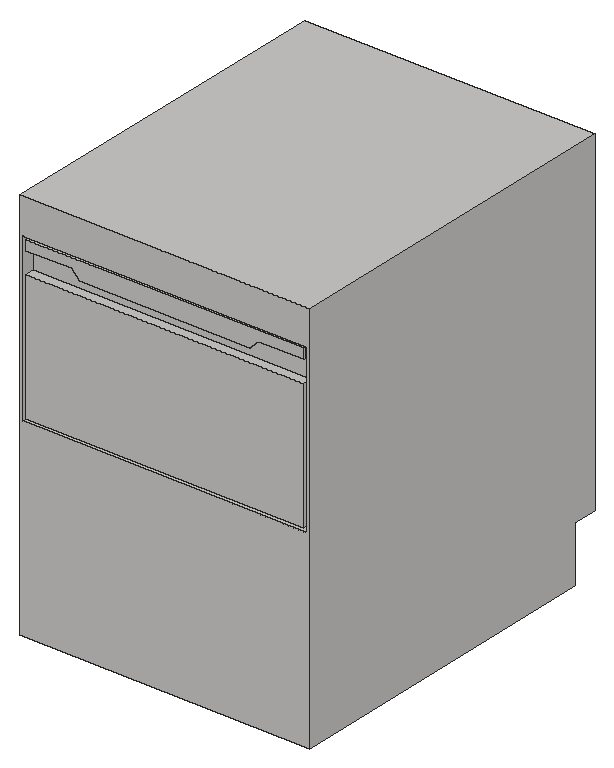
Revit family "QF_ZANUSSI_402213_ZSSIC", category Specialty Equipment, Revit 2018
Family settings
  Round Connector Dimension = Use Diameter
  Part Type = Normal
  Work Plane-Based = No
  Always vertical = Yes
  Cut with Voids When Loaded = No
  Shared = No
  Room Calculation Point = No
Parameters (values of type "Standard")
  Weight = 34.00 kg
  Watts = 0 W
  Volts = 220 V
  URL Manufacturer = "http://professional.electrolux.com"
  URL = "http://professional.electrolux.com"
  Steam Supply Size = 0 mm
  Steam Supply Minimum Pressure = 0.0 Pa
  Steam Supply Maximum Pressure = 0.0 Pa
  Steam Pounds per Hour = 0
  Show Logo [instance] = yes
  Show Clearance [instance] = yes
  Refrigeration Suction Line Size = 0 mm
  Refrigeration Liquid Line Size = 0 mm
  Refrigerant Compressor Remote = yes
  Manufacturer = "Electrolux Professional"
  Phase = 1
  Model = "ESSIC"
  Length Actual = 460 mm  # constant formula
  Item Number = "402208"
  Hot Water Size = 0 mm
  Height Actual = 635 mm  # constant formula
  HP = "4.4 HP"
  Gas Size = 0 mm
  Gas KW = 0
  Gas Input Pressure = 0 W
  Direct Waste Size = 22 mm
  Description = "GLASSWASHER(SHORT S) DOUBLE SKIN, COLD RINSE, 30B/H"
  Depth Actual = 565 mm  # constant formula
  Cycle = 50 Hz
  Condensate Return Size = 0 mm
  Compressed Air Volume = 0.0 L/s
  Compressed Air Size = 0 mm
  Compressed Air Pressure = 0.0 Pa
  Cold Water Size = 19.05 mm
  Accessory = yes
Types (2, lengths in mm): name | URL | Manufacturer | Phase | Model | Description | Cold Water Size
  (no name) | "http://professional.electrolux.com/" | 0 | 0 | 0 | 0 | 0
  Standard | "http://professional.electrolux.com" | "Electrolux Professional" | 1 | "ESSIC" | "GLASSWASHER(SHORT S) DOUBLE SKIN, COLD RINSE, 30B/H" | 19.05
Values of the unnamed type that differ from the named types
  Volts = 0 V
  URL Manufacturer = ""
  Item Number = ""
  Cycle = 0 Hz
Reference planes
  plane 1 "Center (Front/Back)": y = 0
  plane 2: z = 0
  plane 3 "Center (Left/Right)": x = 0
  plane 4 "LEFT": x = -230
  plane 5 "RIGHT": x = 230
  plane 6 "FRONT": y = -282.5
  plane 7 "BACK": y = 282.5
  plane 8: x = -202.5
  plane 9: x = 202.5
  plane 10: z = 635
  plane 11: z = 10
Forms (mm)
  Extrusion 1, solid, material "QF_Finishes_Stainless Steel"
    sketch origin (0, 0, 0) x (1, 0, 0) y (0, 1, 0)
      loop
        line (-230, -282.5) -> (230, -282.5) -> (230, 243.5) -> (-230, 243.5) -> (-230, -282.5)
    from 10 to 635
  Extrusion 2, solid, material "QF_Finishes_Stainless Steel"
    sketch origin (0, 0, 0) x (1, 0, 0) y (0, 1, 0)
      loop
        line (-230, 243.5) -> (230, 243.5) -> (230, 282.5) -> (-230, 282.5) -> (-230, 243.5)
    from 100 to 635
  Extrusion 3, solid, material "QF_Finishes_Stainless Steel"
    sketch origin (0, 0, 0) x (1, 0, 0) y (0, 1, 0)
      loop
        circle (-202.5, 184.5) r 12.5
      loop
        circle (202.5, 184.5) r 12.5
      loop
        circle (-202.5, -235.5) r 12.5
      loop
        circle (202.5, -235.5) r 12.5
    from 0 to 10
  Extrusion 4, void
    sketch origin (-230, -282.5, 0) x (-1, 0, 0) y (0, 0, 1)
      loop
        line (-5, 578.217) -> (-455, 578.217) -> (-455, 315) -> (-5, 315) -> (-5, 578.217)
    from 0 to 30
  Extrusion 5, solid, material "QF_Finishes_Stainless Steel"
    sketch origin (-288, -392, 738) x (0, 0, -1) y (1, 0, 0)
      loop
        circle (693, 213) r 10
    from -635.5 to -674.5
  Extrusion 6, solid, material "QF_Door-Drawer Clearances", visible <- "Show Clearance", detail levels coarse
    sketch origin (-230, -282.5, 0) x (0, 1, 0) y (0, 0, -1)
      loop
        line (0, -315) -> (-230, -315)
        arc (-230, -315) -> (-165.874, -490.004) -> (0, -575) r 255.719
        line (0, -575) -> (0, -315)
    from -10 to -450
  Extrusion 7, solid, material "QF_Finishes_Stainless Steel"
    sketch origin (-242.481, -392, 738) x (0, 0, -1) y (1, 0, 0)
      loop
        circle (663, 322.481) r 8
    from -635.5 to -674.5
  Extrusion 8, solid, material "QF_Finishes_Stainless Steel"
    sketch origin (-230, -282.5, 0) x (0, 1, 0) y (0, 0, -1)
      loop
        line (0, -320) -> (0, -525) -> (15, -525) -> (15, -575) -> (25, -575) -> (25, -320) -> (0, -320)
    from -10 to -450
  Extrusion 9, solid, material "QF_Finishes_Stainless Steel"
    sketch origin (-230, -282.5, 0) x (0, 1, 0) y (0, 0, -1)
      loop
        line (15, -575) -> (15, -572.514) -> (2.5, -572.514) -> (2.5, -546.25) -> (0, -546.25) -> (0, -575) -> (15, -575)
    from -10 to -450
  Extrusion 10, void
    sketch origin (-230, -282.5, 575) x (0, 0, 1) y (1, 0, 0)
      loop
        line (-15.552, 10) -> (-15.552, 81.607) -> (-28.75, 94.804) -> (-28.75, 10) -> (-15.552, 10)
      loop
        line (-15.552, 450) -> (-28.75, 450) -> (-28.75, 365.196) -> (-15.552, 378.393) -> (-15.552, 450)
    from 0 to 2.5
  Extrusion 11, solid, material "QF_Finishes_Stainless Steel"
    sketch origin (-328, -392, 738) x (0, 0, -1) y (1, 0, 0)
      loop
        circle (663, 228) r 8
    from -635.5 to -674.5
Cuts and joins
  Extrusion 4 cuts Extrusion 1
  joined: Extrusion 1, Extrusion 2
  Extrusion 10 cuts Extrusion 8
  Extrusion 10 cuts Extrusion 9
Lines and regions (mm)
  Split face 1
    outline origin (-230, -282.5, 635) x (0, 0, -1) y (1, 0, 0)
      loop
        line (56.783, 5) -> (42.5, 5) -> (42.5, 67.5) -> (49.142, 74.142) -> (49.142, 385.858) -> (42.5, 392.5) -> (42.5, 455) -> (56.783, 455)
  Split face 2
    outline origin (-230, -282.5, 635) x (0, 0, -1) y (1, 0, 0)
      loop
        line (42.5, 5) -> (5, 5) -> (5, 455) -> (42.5, 455)
  Split face 3
    outline origin (-230, -282.5, 635) x (0, 0, -1) y (1, 0, 0)
      loop
        line (19.683, 178.044) -> (39.683, 178.044) -> (39.683, 218.044) -> (19.683, 218.044) -> (19.683, 178.044)
  symbolic lines
    curve 1: line (-230, 282.5, 0) -> (230, 282.5, 0)
    curve 2: line (-230, -282.5, 0) -> (-230, 282.5, 0)
    curve 3: line (230, -282.5, 0) -> (-230, -282.5, 0)
    curve 4: line (230, 282.5, 0) -> (230, -282.5, 0)
  symbolic lines, style "QF_Door-Drawer Clearances"
    curve 5: line (-220, -512.5, 0) -> (220, -512.5, 0)
    curve 6: line (220, -512.5, 0) -> (220, -282.5, 0)
    curve 7: line (-220, -512.5, 0) -> (-220, -282.5, 0)
  symbolic lines, style "SpecialityEquipmentHiddenLines"
    curve 8: line (-230, 243.5, 0) -> (230, 243.5, 0)
Dimensions and locks
  equal spacing: plane 4 "LEFT", plane 3 "Center (Left/Right)", plane 5 "RIGHT"
  equal spacing: plane 7 "BACK", plane 1 "Center (Front/Back)", plane 6 "FRONT"
  plane 7 "BACK" to plane 6 "FRONT" = 565 mm
  plane 4 "LEFT" to plane 5 "RIGHT" = 460 mm
  plane 4 "LEFT" to plane 8 = 27.5 mm
  plane 9 to plane 5 "RIGHT" = 27.5 mm
  locked: plane 11 to level at 10
  plane 4 "LEFT" to plane 3 "Center (Left/Right)" = 230 mm
  plane 10 to level = 635 mm  (x2)
  plane 8 to plane 9 = 405 mm
  level to Extrusion 11 sketch curve = 75 mm
  Extrusion 11 sketch curve to plane 4 "LEFT" = 130 mm
  level to Extrusion 5 sketch curve = 45 mm
  Extrusion 5 sketch curve to plane 4 "LEFT" = 155 mm
  Extrusion 7 sketch curve to plane 4 "LEFT" = 310 mm
  level to Extrusion 7 sketch curve = 75 mm
  locked: Extrusion 3 to cut or joined group of Extrusion 1, Extrusion 2, Extrusion 4 at 98
  Extrusion 3 to Extrusion 3 = 420 mm
  locked: plane 6 "FRONT" to Extrusion 3 at 47
  plane 9 to plane 8 = 405 mm
  plane 7 "BACK" to curve 5 = 795 mm
  cut or joined group of Extrusion 8, Extrusion 10 to cut or joined group of Extrusion 1, Extrusion 2, Extrusion 4 = 210 mm
  aligned and locked: level to plane 2
  aligned and locked: Extrusion 1 sketch curve to plane 6 "FRONT"
  aligned and locked: Extrusion 1 sketch curve to plane 4 "LEFT"
  aligned and locked: plane 5 "RIGHT" to Extrusion 1 sketch curve
  aligned and locked: Extrusion 1 to plane 11
  aligned and locked: Extrusion 2 sketch curve to Extrusion 1  (x2)
  aligned and locked: plane 7 "BACK" to Extrusion 2 sketch curve
  aligned and locked: plane 5 "RIGHT" to Extrusion 2 sketch curve
  aligned and locked: plane 11 to Extrusion 3
  aligned and locked: Extrusion 2 to Extrusion 5
  aligned and locked: Extrusion 2 to Extrusion 7
  aligned and locked: plane 7 "BACK" to Extrusion 7
  aligned and locked: plane 7 "BACK" to Extrusion 5
  aligned and locked: cut or joined group of Extrusion 9, Extrusion 10 to Extrusion 10
  aligned and locked: plane 10 to Extrusion 2
Automatic sketch dimensions
  curve 1 to plane 4 "LEFT" = 0 mm
  curve 7 to plane 6 "FRONT" = 0 mm
  curve 4 to plane 5 "RIGHT" = 0 mm
  curve 2 to plane 7 "BACK" = 0 mm
  plane 4 "LEFT" to curve 5 = 10 mm
  curve 6 to plane 5 "RIGHT" = 10 mm
  curve 8 to plane 7 "BACK" = 39 mm
  Extrusion 1 sketch curve to plane 7 "BACK" = 39 mm
  Extrusion 3 sketch curve to plane 8 = 0 mm  (x2)
  Extrusion 3 sketch curve to plane 9 = 0 mm  (x2)
  plane 6 "FRONT" to Extrusion 3 sketch curve = 47 mm  (x2)
  Extrusion 3 sketch curve to plane 7 "BACK" = 98 mm  (x2)
  Extrusion 4 sketch curve to Extrusion 1 = 5 mm  (x2)
  Extrusion 4 sketch curve to Extrusion 1 = 305 mm
  Extrusion 4 sketch curve to Extrusion 1 = 56.783 mm
  Extrusion 8 sketch curve to plane 6 "FRONT" = 0 mm
  plane 6 "FRONT" to Extrusion 8 sketch curve = 15 mm
  Extrusion 8 sketch curve to Extrusion 8 sketch curve = 25 mm
  Extrusion 8 sketch curve to plane 10 = 60 mm
  Extrusion 8 sketch curve to Extrusion 8 sketch curve = 50 mm
  Extrusion 8 sketch curve to Extrusion 8 sketch curve = 205 mm
  Extrusion 9 sketch curve to plane 6 "FRONT" = 0 mm
  Extrusion 9 sketch curve to Extrusion 9 sketch curve = 2.5 mm
  Extrusion 9 sketch curve to Extrusion 9 sketch curve = 12.5 mm
  Extrusion 9 sketch curve to plane 10 = 60 mm
  Extrusion 9 sketch curve to Extrusion 9 sketch curve = 2.486 mm
  Extrusion 9 sketch curve to Extrusion 9 sketch curve = 26.264 mm
  Extrusion 10 sketch curve to Extrusion 9 = 0 mm  (x3)
  Extrusion 9 to Extrusion 10 sketch curve = 0 mm
  Extrusion 10 sketch curve to Extrusion 9 = 13.198 mm  (x2)
  Extrusion 10 sketch curve to Extrusion 9 = 71.607 mm
  Extrusion 10 sketch curve to Extrusion 10 sketch curve = 13.198 mm  (x2)
  Extrusion 10 sketch curve to Extrusion 9 = 84.804 mm
  Extrusion 6 sketch curve to plane 6 "FRONT" = 0 mm
  Extrusion 6 sketch curve to plane 6 "FRONT" = 230 mm
  plane 6 "FRONT" to Extrusion 6 sketch curve = 25.658 mm
  Extrusion 6 sketch curve to plane 10 = 60 mm
  Extrusion 6 sketch curve to Extrusion 6 sketch curve = 254.429 mm
  Split face 1 sketch curve to cut or joined group of Extrusion 1, Extrusion 2, Extrusion 4 = 0 mm  (x4)
  cut or joined group of Extrusion 1, Extrusion 2, Extrusion 4 to Split face 1 sketch curve = 7.641 mm
  Split face 1 sketch curve to Split face 1 sketch curve = 6.642 mm  (x4)
  Split face 1 sketch curve to Split face 1 sketch curve = 62.5 mm
  Split face 1 sketch curve to cut or joined group of Extrusion 1, Extrusion 2, Extrusion 4 = 69.142 mm
  Split face 2 sketch curve to cut or joined group of Extrusion 1, Extrusion 2, Extrusion 4 = 0 mm  (x2)
  Split face 2 sketch curve to cut or joined group of Extrusion 1, Extrusion 2, Extrusion 4 = 5 mm
  cut or joined group of Extrusion 1, Extrusion 2, Extrusion 4 to Split face 2 sketch curve = 14.283 mm  (x2)
  Split face 3 sketch curve to cut or joined group of Extrusion 1, Extrusion 2, Extrusion 4 = 19.683 mm
  cut or joined group of Extrusion 1, Extrusion 2, Extrusion 4 to Split face 3 sketch curve = 17.1 mm
  Split face 3 sketch curve to cut or joined group of Extrusion 1, Extrusion 2, Extrusion 4 = 173.044 mm
  Split face 3 sketch curve to Split face 3 sketch curve = 40 mm
  radius of Extrusion 5 sketch curve = 10 mm
  radius of Extrusion 7 sketch curve = 8 mm
  radius of Extrusion 11 sketch curve = 8 mm
  radius of Extrusion 3 sketch curve = 12.5 mm  (x4)
Connectors
  piping at (-75, 282.5, 45), diameter 20
    settings: on Extrusion 5, index 1, connector inside diameter 609.6 mm, connector length 0 mm, flow factor 0, pipe flow 0.0 L/s, pressure drop 0.0 Pa, fitting loss kfactor 0, connector angle 0.00°, fixture units 0, engagement length 0 mm, angle of deflection 0.00°, flow configuration 1, flow direction 1, fitting loss method 0, system type 16, joint type 0, gender type 0, connector reference index -1, connector utility 0, adjustable connector no, is connector primary yes, connector description "Drain"
  piping at (80, 282.5, 75), diameter 19.05, driven by "Cold Water Size"
    settings: on Extrusion 7, index 3, connector inside diameter 609.6 mm, connector length 0 mm, flow factor 0, pipe flow 0.0 L/s, pressure drop 0.0 Pa, fitting loss kfactor 0, connector angle 0.00°, fixture units 0, engagement length 0 mm, angle of deflection 0.00°, flow configuration 1, flow direction 1, fitting loss method 0, system type 20, joint type 0, gender type 0, connector reference index -1, connector utility 0, adjustable connector no, is connector primary no, connector description "Cold Water Inlet"
  electrical at (-100, 282.5, 75), driven by "Volts"
    settings: on Extrusion 11, index 4, voltage 220 V, apparent load 0 VA, apparent load phase1 0 VA, apparent load phase2 0 VA, apparent load phase3 0 VA, power factor 1, load classification "Altro", number of poles 1, system type 31, power factor state 1, is connector primary yes, connector utility no, sub classification motor no, connector description "Electrical Connection"
